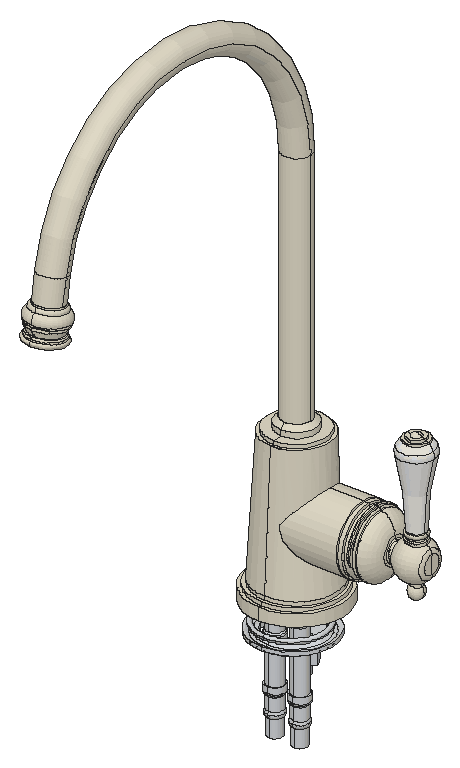
Revit family "Reece_Tap_Kado_Era_Sink Mixer_Gooseneck", category Plumbing Fixtures, host Face, Revit 2018
Family settings
  Host = Face
  Round Connector Dimension = Use Diameter
  Part Type = Normal
  Cut with Voids When Loaded = No
  Shared = Yes
  Room Calculation Point = Yes
Parameters (values of type "205 mm_Lever Handle_Brass Gold_Porcelain")
  WFU = 0  # constant formula
  URL = "https://www.reece.com.au/product/-9507624"
  Type Comments = "Tap"
  Reece_Tap_Reach = 205 mm  # constant formula
  Reece_Tap_Inlet = 12 mm  # constant formula
  Reece_Tap_Clearance = 240 mm  # constant formula
  Reece_Product_Web Page = "https://www.reece.com.au/product/-9507624"
  Reece_Product_Type = "Tap"  # constant formula
  Reece_Product_Sub Brand = "Era"  # constant formula
  Reece_Product_Number = "9507624"
  Reece_Product_Mount = "Hob Mounted"
  Reece_Product_Description = "Kado Era Sink Mixer Large Porcelain Handle Brass Gold (5 Star)"
  Reece_Product_Brand = "Kado"  # constant formula
  Reece_Overall_Height = 370 mm  # constant formula
  Reece_Material_Secondary = Reece_Porcelain_White
  Reece_Material_Main = Reece_Brass_Gold
  Reece_Handle_Type = Reece_Tap_Kado_Era_Mixer_Porcelain Handle_Nested : Reece_Tap_Kado_Era_Mixer_Porcelain Handle_Nested
  Reece_Detail_Shape = ""
  Reece_Detail_Installation = ""
  Reece_Detail_Disclaimer = "THIS FILE IS THE PROPERTY OF THE REECE GROUP. IT MAY NOT BE REPRODUCED, REVERSE-ENGINEERED OR MODIFIED. ANY REPUBLICATION, TRANSMISSION OR DISTRIBUTION FOR THE PURPOSE OF COMMERCIALLY EXPLOITING THE FILES IS PROHIBITED."  # constant formula
  Reece_Detail_Connector = ""
  Reece_Detail_Additional = "Large"  # constant formula
  Reece_Backplate_Diameter = 60 mm  # constant formula
  Model = "Era"
  Manufacturer = "Kado"
  Keynote = "Product #9507624, Reece_Tap_Kado_Era_Sink Mixer_Gooseneck - 205 mm_Lever Handle_Brass Gold_Porcelain"
  HWFU = 0  # constant formula
  Disclaimer = "THIS FILE IS THE PROPERTY OF THE REECE GROUP. IT MAY NOT BE REPRODUCED, REVERSE-ENGINEERED OR MODIFIED. ANY REPUBLICATION, TRANSMISSION OR DISTRIBUTION FOR THE PURPOSE OF COMMERCIALLY EXPLOITING THE FILES IS PROHIBITED."  # constant formula
  Description = "Kado Era Sink Mixer Large Porcelain Lever Handle Brass Gold (5 Star)"
  Default Elevation = 1000 mm
  CWFU = 0  # constant formula
Types (7, lengths in mm): name | URL | Reece_Product_Web Page | Reece_Product_Number | Reece_Product_Description | Reece_Material_Secondary | Reece_Material_Main | Reece_Handle_Type | Keynote | Description
  205 mm_Brass Gold | "https://www.reece.com.au/product/-9507622" | "https://www.reece.com.au/product/-9507622" | "9507622" | "Kado Era Sink Mixer Large Brass Gold (5 Star)" | Reece_Brass_Gold | Reece_Brass_Gold | Reece_Tap_Kado_Era_Mixer_Lever Handle_Nested : Reece_Tap_Kado_Era_Mixer_Lever Handle_Nested | "Product #9507622, Reece_Tap_Kado_Era_Sink Mixer_Gooseneck - 205 mm_Brass Gold" | "Kado Era Sink Mixer Large Brass Gold (5 Star)"
  205 mm_Chrome | "https://www.reece.com.au/product/-9507623" | "https://www.reece.com.au/product/-9507623" | "9507623" | "Kado Era Sink Mixer Large Chrome (5 Star)" | Reece_Brass_Chrome | Reece_Brass_Chrome | Reece_Tap_Kado_Era_Mixer_Lever Handle_Nested : Reece_Tap_Kado_Era_Mixer_Lever Handle_Nested | "Product #9507623, Reece_Tap_Kado_Era_Sink Mixer_Gooseneck - 205 mm_Chrome" | "Kado Era Sink Mixer Large Chrome (5 Star)"
  205 mm_Matte Black | "https://www.reece.com.au/product/-2263716" | "https://www.reece.com.au/product/-2263716" | "2263716" | "Kado Era Sink Mixer Large Matte Black (5 Star)" | Reece_Brass_Matte Black | Reece_Brass_Matte Black | Reece_Tap_Kado_Era_Mixer_Lever Handle_Nested : Reece_Tap_Kado_Era_Mixer_Lever Handle_Nested | "Product #2263716, Reece_Tap_Kado_Era_Sink Mixer_Gooseneck - 205 mm_Matte Black" | "Kado Era Sink Mixer Large Matte Black (5 Star)"
  205 mm_Lever Handle_Brass Gold_Porcelain | "https://www.reece.com.au/product/-9507624" | "https://www.reece.com.au/product/-9507624" | "9507624" | "Kado Era Sink Mixer Large Porcelain Handle Brass Gold (5 Star)" | Reece_Porcelain_White | Reece_Brass_Gold | Reece_Tap_Kado_Era_Mixer_Porcelain Handle_Nested : Reece_Tap_Kado_Era_Mixer_Porcelain Handle_Nested | "Product #9507624, Reece_Tap_Kado_Era_Sink Mixer_Gooseneck - 205 mm_Lever Handle_Brass Gold_Porcelain" | "Kado Era Sink Mixer Large Porcelain Lever Handle Brass Gold (5 Star)"
  205 mm_Lever Handle_Chrome_Porcelain | "https://www.reece.com.au/product/-9507625" | "https://www.reece.com.au/product/-9507625" | "9507625" | "Kado Era Sink Mixer Large Porcelain Handle Chrome (5 Star)" | Reece_Porcelain_White | Reece_Brass_Chrome | Reece_Tap_Kado_Era_Mixer_Porcelain Handle_Nested : Reece_Tap_Kado_Era_Mixer_Porcelain Handle_Nested | "Product #9507625, Reece_Tap_Kado_Era_Sink Mixer_Gooseneck - 205 mm_Lever Handle_Chrome_Porcelain" | "Kado Era Sink Mixer Large Porcelain Lever Handle Chrome (5 Star)"
  205 mm_Brushed Nickel | "https://www.reece.com.au/product/-9512090" | "https://www.reece.com.au/product/-9512090" | "9512090" | "Kado Era Sink Mixer Large Brushed Nickel (5 Star)" | Reece_Brass_Brushed Nickel | Reece_Brass_Brushed Nickel | Reece_Tap_Kado_Era_Mixer_Lever Handle_Nested : Reece_Tap_Kado_Era_Mixer_Lever Handle_Nested | "Product #9512090, Reece_Tap_Kado_Era_Sink Mixer_Gooseneck - 205 mm_Brushed Nickel" | "Kado Era Sink Mixer Large Brushed Nickel (5 Star)"
  205 mm_Brushed Nickel_Porcelain | "https://www.reece.com.au/product/-9512091" | "https://www.reece.com.au/product/-9512091" | "9512091" | "Kado Era Sink Mixer Large Porcelain Handle Brushed Nickel (5 Star)" | Reece_Porcelain_White | Reece_Brass_Brushed Nickel | Reece_Tap_Kado_Era_Mixer_Porcelain Handle_Nested : Reece_Tap_Kado_Era_Mixer_Porcelain Handle_Nested | "Product #9512091, Reece_Tap_Kado_Era_Sink Mixer_Gooseneck - 205 mm_Brushed Nickel_Porcelain" | "Kado Era Sink Mixer Large Porcelain Handle Brushed Nickel (5 Star)"
Reference planes
  plane 1 "Center (Front/Back)": y = 0
  plane 2 "Bottom": z = 0
  plane 3 "Center (Left/Right)": x = 0
  plane 4 "right": x = 78
  plane 5: y = -205
  plane 6: z = 240
  plane 7: z = 100
  plane 8: z = 370
  plane 9: z = 50
Forms (mm)
  Sweep 1, solid, material "Reece_Brass_Gold" <- "Reece_Material_Main"
    path origin (0, 0, 0) x (0, 1, 0) y (0, 0, 1)
      loop
        line (-201.7, 257.646) -> (-198.493, 277.279)
        arc (-198.493, 277.279) -> (-91.82, 360.743) -> (0, 261.171) r 99.9
        line (0, 261.171) -> (0, 0)
    profile origin (0, 0, 130.585) x (1, 0, 0) y (0, 1, 0)
      loop
        circle (0, 0) r 9
  Revolve 2, void
    sketch origin (-75, 0, 0) x (-1, 0, 0) y (0, 0, 1)
      loop
        line (-75, -37.024) -> (-75, 0) -> (-90.541, 0) -> (-90.541, -37.024) -> (-75, -37.024)
      axis (-75, 0) -> (-75, -37.024)
    angle from 0 to 360
  Revolve 3, solid
    sketch origin (-0.052, -7.05, 0.385) x (0, 1, 0) y (0, 0, 1)
      loop
        line (14.924, -0.412) -> (8.849, -0.412)
        arc (8.849, -0.412) -> (8.496, -0.558) -> (8.349, -0.912) r 0.5
        line (8.349, -0.912) -> (8.349, -14.094) -> (11.924, -14.094) -> (11.924, -47)
        arc (11.924, -47) -> (12.07, -47.353) -> (12.424, -47.5) r 0.5
        line (12.424, -47.5) -> (14.924, -47.5) -> (14.924, -0.412)
      axis (14.924, -47.5) -> (14.924, -0.412)
    angle from 0 to 360
  Extrusion 4, solid
    sketch origin (619.148, -626.25, -29.615) x (1, 0, 0) y (0, 1, 0)
      loop
        circle (-619.2, 634.124) r 3
      loop
        line (-622.996, 640.698) -> (-626.791, 634.124) -> (-622.996, 627.549) -> (-615.404, 627.549) -> (-611.609, 634.124) -> (-615.404, 640.698) -> (-622.996, 640.698)
    from -10 to 10
  Revolve 5, solid
    sketch origin (-0.052, -2.889, 3.385) x (0, 1, 0) y (0, 0, 1)
      loop
        arc (18.75, -21.5) -> (21.75, -23) -> (24.75, -21.5) r 3.75
        line (24.75, -21.5) -> (25.75, -21.5) -> (25.75, -19)
        arc (25.75, -19) -> (24.212, -19.499) -> (22.941, -20.498) r 4.61
        arc (22.941, -20.498) -> (21.841, -21) -> (20.728, -20.527) r 1.5
        arc (20.728, -20.527) -> (19.122, -19.398) -> (17.2, -19) r 4.84
        line (17.2, -19) -> (17.2, -21.5) -> (18.75, -21.5)
      axis (0, -19) -> (0, -21.5)
    angle from 0 to 360
  Revolve 6, solid
    sketch origin (-0.052, -5.488, 2.385) x (0, 1, 0) y (0, 0, 1)
      loop
        circle (22.2, -14) r 1.3
      axis (1, -14) -> (1, -13)
    angle from 0 to 360
  Revolve 7, solid
    sketch origin (-8.054, -4579.567, 338.433) x (0, 0, 1) y (0, -1, 0)
      loop
        line (-387.147, -4565.8) -> (-391.049, -4565.8)
        arc (-391.049, -4565.8) -> (-391.523, -4565.877) -> (-391.949, -4566.101) r 1.5
        line (-391.949, -4566.101) -> (-393.187, -4567.03) -> (-401.547, -4567.03) -> (-403.576, -4566.425)
        arc (-403.576, -4566.425) -> (-404.969, -4566.518) -> (-405.962, -4567.5) r 2
        line (-405.962, -4567.5) -> (-417.274, -4567.5) -> (-417.274, -4572) -> (-333.442, -4572) -> (-333.442, -4567.702) -> (-338.011, -4567.702) -> (-338.011, -4566.5) -> (-342.546, -4566.531) -> (-342.546, -4568.342)
        arc (-342.546, -4568.342) -> (-343.35, -4566.738) -> (-345.117, -4566.425) r 2
        line (-345.117, -4566.425) -> (-347.146, -4567.03) -> (-355.506, -4567.03) -> (-356.743, -4566.101)
        arc (-356.743, -4566.101) -> (-357.169, -4565.877) -> (-357.644, -4565.8) r 1.5
        line (-357.644, -4565.8) -> (-361.546, -4565.8) -> (-361.546, -4567) -> (-387.147, -4567) -> (-387.147, -4565.8)
      axis (-333.442, -4572) -> (-417.274, -4572)
    angle from 0 to 360
  Revolve 8, solid
    sketch origin (8.232, -4579.567, 338.433) x (0, 0, 1) y (0, 1, 0)
      loop
        line (-387.147, 4565.8) -> (-387.147, 4567) -> (-361.546, 4567) -> (-361.546, 4565.8) -> (-357.644, 4565.8)
        arc (-357.644, 4565.8) -> (-357.169, 4565.877) -> (-356.743, 4566.101) r 1.5
        line (-356.743, 4566.101) -> (-355.506, 4567.03) -> (-347.146, 4567.03) -> (-345.117, 4566.425)
        arc (-345.117, 4566.425) -> (-343.35, 4566.738) -> (-342.546, 4568.342) r 2
        line (-342.546, 4568.342) -> (-342.546, 4566.531) -> (-338.011, 4566.5) -> (-338.011, 4567.702) -> (-333.442, 4567.702) -> (-333.442, 4572) -> (-417.274, 4572) -> (-417.274, 4567.5) -> (-405.962, 4567.5)
        arc (-405.962, 4567.5) -> (-404.969, 4566.518) -> (-403.576, 4566.425) r 2
        line (-403.576, 4566.425) -> (-401.547, 4567.03) -> (-393.187, 4567.03) -> (-391.949, 4566.101)
        arc (-391.949, 4566.101) -> (-391.523, 4565.877) -> (-391.049, 4565.8) r 1.5
        line (-391.049, 4565.8) -> (-387.147, 4565.8)
      axis (-417.274, 4572) -> (-333.442, 4572)
    angle from 0 to 360
  Extrusion 9, solid
    sketch origin (-0.078, -2.889, -19.615) x (1, 0, 0) y (0, 1, 0)
      loop
        arc (-8.263, 1.702) -> (0, 3.159) -> (8.263, 1.702) r 24.16
        line (8.263, 1.702) -> (13.684, -0.271)
        arc (13.684, -0.271) -> (14.638, -1.003) -> (15, -2.15) r 2
        line (15, -2.15) -> (15, -8.417)
        arc (15, -8.417) -> (0, 17.2) -> (-15, -8.417) r 17.2
        line (-15, -8.417) -> (-15, -2.15)
        arc (-15, -2.15) -> (-14.638, -1.003) -> (-13.684, -0.271) r 2
        line (-13.684, -0.271) -> (-8.263, 1.702)
      loop
        circle (0, 10.873) r 5
    from 1.5 to 4
  Revolve 10, solid, material "Reece_Brass_Gold" <- "Reece_Material_Main"
    sketch origin (0, -98.145, 0) x (0, 1, 0) y (0, 0, 1)
      loop
        line (98.145, 106.4) -> (98.145, 0) -> (128.645, 0) -> (128.645, 8) -> (126.395, 8) -> (126.395, 10.25) -> (124.145, 10.25) -> (124.145, 12.5)
        arc (124.145, 12.5) -> (120.435, 55.054) -> (119.145, 97.75) r 752.643
        line (119.145, 97.75) -> (116.895, 97.75) -> (116.895, 100) -> (110.645, 100) -> (110.645, 103.4) -> (107.645, 106.4) -> (98.145, 106.4)
      axis (98.145, 106.4) -> (98.145, 0)
    angle from 0 to 360
  Revolve 11, solid, material "Reece_Brass_Gold" <- "Reece_Material_Main"
    sketch origin (0, 0, 0) x (1, 0, 0) y (0, 0, 1)
      loop
        line (0, 50) -> (47, 50) -> (47, 71.875) -> (44.5, 71.875) -> (44.5, 70.875) -> (43.5, 70.875) -> (43.5, 71.875) -> (0, 71.875) -> (0, 50)
      axis (0, 50) -> (47, 50)
    angle from 0 to 360
  Revolve 12, solid, material "Reece_Brass_Gold" <- "Reece_Material_Main"
    sketch origin (0, -162.533, 69.922) x (0, 0.999998, -0.001844) y (0, 0.001844, 0.999998)
      loop
        line (-30.358, 170.574) -> (-30.221, 171.424)
        arc (-30.221, 171.424) -> (-30.267, 172.028) -> (-30.583, 172.545) r 1.294
        line (-30.583, 172.545) -> (-31.271, 173.232) -> (-29.031, 176.538) -> (-28.807, 177.92) -> (-29.795, 178.08) -> (-29.651, 178.968) -> (-27.677, 178.649) -> (-27.517, 179.636)
        arc (-27.517, 179.636) -> (-26.945, 183.009) -> (-28.752, 185.914) r 4.824
        arc (-28.752, 185.914) -> (-28.72, 187.486) -> (-29.835, 188.594) r 1.997
        line (-29.835, 188.594) -> (-29.688, 189.501) -> (-38.972, 191) -> (-42.053, 171.922) -> (-31.928, 170.287) -> (-32.238, 168.365) -> (-30.754, 168.125)
        arc (-30.754, 168.125) -> (-29.332, 169.152) -> (-30.358, 170.574) r 1.24
      axis (-38.972, 191) -> (-42.363, 170)
    angle from 0 to 360
Cuts and joins
  joined: Sweep 1, Revolve 10, Revolve 11, Revolve 12
  joined: Revolve 3, Extrusion 4, Revolve 5, Revolve 6, Revolve 7, Revolve 8
Text (mm)
  text "Reece Copyright © 2018, Reece Ltd." at (76.968, -193.79, 0), in view "Ref. Level"
  text "Reece ©" at (44.384, 258.95, 192.345), in view "Reece Preview"
Dimensions and locks
  plane 3 "Center (Left/Right)" to plane 4 "right" = 78 mm
  plane 4 "right" to plane 3 "Center (Left/Right)" = 78 mm  (x2)
  "Reece_Tap_Clearance": plane 6 to plane 2 "Bottom"
  "Reece_Tap_Reach": plane 5 to plane 1 "Center (Front/Back)"
  plane 7 to plane 2 "Bottom" = 100 mm
  "Reece_Overall_Height": plane 2 "Bottom" to plane 8
  plane 7 to host face = 100 mm
  aligned and locked: plane 2 "Bottom" to host face
  aligned and locked: level to host face
  aligned and locked: Revolve 2 sketch curve to plane 3 "Center (Left/Right)"
Automatic sketch dimensions
  host sketch curve to host sketch curve = 380.785 mm
  host sketch curve to host sketch curve = 317.421 mm
  Sweep 1 sketch curve to plane 3 "Center (Left/Right)" = 0 mm
  profile plane to Sweep 1 sketch curve = 0 mm
  Revolve 2 sketch curve to level = 0 mm
  Revolve 2 sketch curve to plane 3 "Center (Left/Right)" = 0 mm
  Revolve 2 sketch curve to Revolve 2 sketch curve = 15.541 mm
  level to Revolve 2 sketch curve = 37.024 mm
  Revolve 2 sketch curve to plane 9 = 20.834 mm
  Revolve 2 sketch curve to plane 9 = 2.317 mm
  Revolve 3 sketch curve to plane 1 "Center (Front/Back)" = 1.299 mm
  Revolve 3 sketch curve to level = 0.027 mm
  Revolve 3 sketch curve to Revolve 3 sketch curve = 0.5 mm  (x2)
  Revolve 3 sketch curve to Revolve 3 sketch curve = 3.574 mm
  Revolve 3 sketch curve to Revolve 3 sketch curve = 2.5 mm
  Revolve 3 sketch curve to Revolve 3 sketch curve = 13.182 mm
  Revolve 3 sketch curve to Revolve 3 sketch curve = 32.906 mm
  Revolve 3 sketch curve to plane 1 "Center (Front/Back)" = 7.874 mm
  Revolve 3 sketch curve to Revolve 3 sketch curve = 0 mm
  level to Revolve 3 sketch curve = 20.525 mm
  Extrusion 4 sketch curve to Extrusion 4 sketch curve = 0 mm  (x3)
  Extrusion 4 sketch curve to plane 3 "Center (Left/Right)" = 7.644 mm
  Extrusion 4 sketch curve to plane 3 "Center (Left/Right)" = 3.848 mm  (x2)
  Extrusion 4 sketch curve to plane 1 "Center (Front/Back)" = 1.299 mm
  Extrusion 4 sketch curve to plane 3 "Center (Left/Right)" = 0.052 mm
  plane 3 "Center (Left/Right)" to Extrusion 4 sketch curve = 3.744 mm  (x2)
  plane 3 "Center (Left/Right)" to Extrusion 4 sketch curve = 7.539 mm
  Extrusion 4 sketch curve to Extrusion 4 sketch curve = 6.574 mm  (x3)
  Extrusion 4 sketch curve to Extrusion 4 sketch curve = 3 mm
  Revolve 5 sketch curve to plane 1 "Center (Front/Back)" = 14.311 mm
  Revolve 5 sketch curve to Revolve 5 sketch curve = 1.55 mm
  Revolve 5 sketch curve to Revolve 5 sketch curve = 3 mm
  Revolve 5 sketch curve to Revolve 5 sketch curve = 0.072 mm
  Revolve 5 sketch curve to Revolve 5 sketch curve = 2.928 mm
  Revolve 5 sketch curve to Revolve 5 sketch curve = 1 mm
  Revolve 5 sketch curve to Revolve 5 sketch curve = 0.632 mm
  Revolve 5 sketch curve to level = 20.455 mm
  Revolve 5 sketch curve to Revolve 5 sketch curve = 0.274 mm
  Revolve 5 sketch curve to Revolve 5 sketch curve = 2.34 mm
  Revolve 5 sketch curve to Revolve 5 sketch curve = 2 mm
  Revolve 5 sketch curve to Revolve 5 sketch curve = 0.25 mm
  Revolve 5 sketch curve to Revolve 5 sketch curve = 2.5 mm  (x2)
  plane 1 "Center (Front/Back)" to Revolve 5 sketch curve = 2.889 mm
  Revolve 5 sketch curve to Revolve 5 sketch curve = 0 mm
  Revolve 5 sketch curve to Revolve 5 sketch curve = 316.97 mm
  Revolve 5 sketch curve to plane 8 = 477.217 mm
  Revolve 6 sketch curve to plane 1 "Center (Front/Back)" = 16.712 mm
  Revolve 6 sketch curve to level = 11.615 mm  (x2)
  plane 1 "Center (Front/Back)" to Revolve 6 sketch curve = 4.488 mm
  Revolve 6 sketch curve to Revolve 6 sketch curve = 4.102 mm
  plane 1 "Center (Front/Back)" to Revolve 7 sketch curve = 12.067 mm
  Revolve 7 sketch curve to level = 78.841 mm
  Revolve 7 sketch curve to Revolve 7 sketch curve = 11.313 mm
  Revolve 7 sketch curve to Revolve 7 sketch curve = 1.814 mm
  plane 1 "Center (Front/Back)" to Revolve 7 sketch curve = 13.142 mm
  Revolve 7 sketch curve to Revolve 7 sketch curve = 0.571 mm  (x2)
  Revolve 7 sketch curve to Revolve 7 sketch curve = 2.029 mm  (x2)
  Revolve 7 sketch curve to Revolve 7 sketch curve = 8.36 mm  (x2)
  plane 1 "Center (Front/Back)" to Revolve 7 sketch curve = 13.467 mm
  Revolve 7 sketch curve to Revolve 7 sketch curve = 1.238 mm  (x2)
  Revolve 7 sketch curve to Revolve 7 sketch curve = 0.901 mm  (x2)
  Revolve 7 sketch curve to Revolve 7 sketch curve = 3.901 mm  (x2)
  Revolve 7 sketch curve to level = 23.112 mm
  Revolve 7 sketch curve to Revolve 7 sketch curve = 2.571 mm
  level to Revolve 7 sketch curve = 0.423 mm
  level to Revolve 7 sketch curve = 4.991 mm
  Revolve 7 sketch curve to Revolve 7 sketch curve = 4.5 mm
  plane 1 "Center (Front/Back)" to Revolve 7 sketch curve = 11.226 mm
  Revolve 7 sketch curve to Revolve 7 sketch curve = 0.639 mm
  plane 1 "Center (Front/Back)" to Revolve 7 sketch curve = 12.267 mm
  Revolve 7 sketch curve to Revolve 7 sketch curve = 1.199 mm  (x2)
  Revolve 7 sketch curve to Revolve 7 sketch curve = 1.312 mm
  Revolve 7 sketch curve to Revolve 7 sketch curve = 0.605 mm
  Revolve 7 sketch curve to Revolve 7 sketch curve = 1.2 mm
  Revolve 7 sketch curve to Revolve 7 sketch curve = 1.811 mm
  Revolve 7 sketch curve to Revolve 7 sketch curve = 1.202 mm
  Revolve 7 sketch curve to Revolve 7 sketch curve = 1.917 mm
  Revolve 7 sketch curve to Revolve 7 sketch curve = 1.522 mm
  plane 1 "Center (Front/Back)" to Revolve 7 sketch curve = 7.567 mm
  plane 7 to Revolve 7 sketch curve = 53.469 mm
  Revolve 7 sketch curve to Revolve 7 sketch curve = 0 mm
  plane 1 "Center (Front/Back)" to Revolve 8 sketch curve = 7.567 mm  (x2)
  Revolve 8 sketch curve to level = 78.841 mm
  Revolve 8 sketch curve to Revolve 8 sketch curve = 11.313 mm
  Revolve 8 sketch curve to Revolve 8 sketch curve = 1.814 mm
  plane 1 "Center (Front/Back)" to Revolve 8 sketch curve = 13.142 mm
  Revolve 8 sketch curve to Revolve 8 sketch curve = 0.571 mm  (x2)
  Revolve 8 sketch curve to Revolve 8 sketch curve = 2.029 mm  (x2)
  Revolve 8 sketch curve to Revolve 8 sketch curve = 8.36 mm  (x2)
  plane 1 "Center (Front/Back)" to Revolve 8 sketch curve = 13.467 mm
  Revolve 8 sketch curve to Revolve 8 sketch curve = 1.238 mm  (x2)
  Revolve 8 sketch curve to Revolve 8 sketch curve = 0.901 mm  (x2)
  Revolve 8 sketch curve to Revolve 8 sketch curve = 3.901 mm  (x2)
  Revolve 8 sketch curve to level = 23.112 mm
  Revolve 8 sketch curve to Revolve 8 sketch curve = 2.571 mm
  level to Revolve 8 sketch curve = 0.423 mm
  Revolve 8 sketch curve to Revolve 8 sketch curve = 4.568 mm
  plane 1 "Center (Front/Back)" to Revolve 8 sketch curve = 13.767 mm
  Revolve 8 sketch curve to Revolve 8 sketch curve = 0.301 mm  (x2)
  Revolve 8 sketch curve to Revolve 8 sketch curve = 0.324 mm
  Revolve 8 sketch curve to Revolve 8 sketch curve = 0.075 mm
  Revolve 8 sketch curve to Revolve 8 sketch curve = 0.106 mm
  Revolve 8 sketch curve to Revolve 8 sketch curve = 1.2 mm
  Revolve 8 sketch curve to Revolve 8 sketch curve = 0.929 mm  (x2)
  Revolve 8 sketch curve to Revolve 8 sketch curve = 4.5 mm
  Revolve 8 sketch curve to Revolve 8 sketch curve = 4.298 mm
  Revolve 8 sketch curve to Revolve 8 sketch curve = 1.917 mm
  Revolve 8 sketch curve to Revolve 8 sketch curve = 73.91 mm
  Revolve 8 sketch curve to Revolve 8 sketch curve = 1.522 mm
  Revolve 8 sketch curve to Revolve 8 sketch curve = 0 mm
  Extrusion 9 sketch curve to plane 3 "Center (Left/Right)" = 15.078 mm
  plane 1 "Center (Front/Back)" to Extrusion 9 sketch curve = 3.16 mm  (x2)
  Extrusion 9 sketch curve to Extrusion 9 sketch curve = 1.316 mm
  Extrusion 9 sketch curve to Extrusion 9 sketch curve = 0.684 mm  (x2)
  plane 1 "Center (Front/Back)" to Extrusion 9 sketch curve = 1.187 mm  (x2)
  Extrusion 9 sketch curve to Extrusion 9 sketch curve = 5.421 mm
  Extrusion 9 sketch curve to plane 3 "Center (Left/Right)" = 0.078 mm  (x3)
  Extrusion 9 sketch curve to Extrusion 9 sketch curve = 4.737 mm
  Extrusion 9 sketch curve to Extrusion 9 sketch curve = 2 mm
  Extrusion 9 sketch curve to Extrusion 9 sketch curve = 6.266 mm
  Extrusion 9 sketch curve to Extrusion 9 sketch curve = 12.584 mm
  plane 1 "Center (Front/Back)" to Extrusion 9 sketch curve = 2.889 mm
  Extrusion 9 sketch curve to plane 1 "Center (Front/Back)" = 7.984 mm
  Revolve 10 sketch curve to plane 1 "Center (Front/Back)" = 0 mm  (x2)
  level to Revolve 10 sketch curve = 0 mm  (x2)
  Revolve 10 sketch curve to plane 7 = 0 mm
  Revolve 10 sketch curve to Revolve 10 sketch curve = 9.5 mm
  Revolve 10 sketch curve to Revolve 10 sketch curve = 3 mm
  Revolve 10 sketch curve to plane 7 = 2.25 mm
  Revolve 10 sketch curve to Revolve 10 sketch curve = 6.25 mm
  Revolve 10 sketch curve to Revolve 10 sketch curve = 2.25 mm  (x4)
  level to Revolve 10 sketch curve = 10.25 mm
  Revolve 10 sketch curve to plane 1 "Center (Front/Back)" = 26 mm
  Revolve 10 sketch curve to plane 7 = 0.878 mm
  Revolve 10 sketch curve to Revolve 10 sketch curve = 743.142 mm
  plane 7 to Revolve 10 sketch curve = 3.4 mm
  plane 7 to Revolve 10 sketch curve = 6.4 mm
  Revolve 10 sketch curve to Revolve 10 sketch curve = 0 mm
  Revolve 12 sketch curve to plane 6 = 0 mm
  plane 5 to Revolve 12 sketch curve = 0.731 mm
  plane 6 to Revolve 12 sketch curve = 1.922 mm
  Revolve 12 sketch curve to Revolve 12 sketch curve = 3.081 mm
  Revolve 12 sketch curve to Revolve 12 sketch curve = 9.815 mm
  Revolve 12 sketch curve to Revolve 12 sketch curve = 0.31 mm  (x2)
  Revolve 12 sketch curve to Revolve 12 sketch curve = 7.294 mm
  Revolve 12 sketch curve to Revolve 12 sketch curve = 0.43 mm
  Revolve 12 sketch curve to Revolve 12 sketch curve = 0.227 mm
  Revolve 12 sketch curve to Revolve 12 sketch curve = 1.484 mm
  Revolve 12 sketch curve to Revolve 12 sketch curve = 0.687 mm  (x2)
  Revolve 12 sketch curve to Revolve 12 sketch curve = 1.107 mm
  Revolve 12 sketch curve to Revolve 12 sketch curve = 0.198 mm  (x2)
  Revolve 12 sketch curve to Revolve 12 sketch curve = 0.137 mm
  Revolve 12 sketch curve to Revolve 12 sketch curve = 0.737 mm
  Revolve 12 sketch curve to Revolve 12 sketch curve = 1.884 mm
  Revolve 12 sketch curve to Revolve 12 sketch curve = 0.146 mm
  Revolve 12 sketch curve to Revolve 12 sketch curve = 0.143 mm
  Revolve 12 sketch curve to Revolve 12 sketch curve = 0.764 mm
  Revolve 12 sketch curve to Revolve 12 sketch curve = 0.987 mm
  Revolve 12 sketch curve to Revolve 12 sketch curve = 1.131 mm
  Revolve 12 sketch curve to Revolve 12 sketch curve = 0.159 mm
  Revolve 12 sketch curve to Revolve 12 sketch curve = 0.292 mm
  Revolve 12 sketch curve to Revolve 12 sketch curve = 0.206 mm
  Revolve 12 sketch curve to Revolve 12 sketch curve = 0.85 mm
  Revolve 12 sketch curve to Revolve 12 sketch curve = 1.343 mm
  Revolve 12 sketch curve to Revolve 12 sketch curve = 3.306 mm
  Revolve 12 sketch curve to Revolve 12 sketch curve = 1.382 mm
  Revolve 12 sketch curve to Revolve 12 sketch curve = 3.11 mm
  Revolve 12 sketch curve to Revolve 12 sketch curve = 1.856 mm
  Revolve 12 sketch curve to Revolve 12 sketch curve = 0 mm  (x2)
  Sweep 1 sketch curve to plane 1 "Center (Front/Back)" = 0 mm
  level to Sweep 1 sketch curve = 0 mm
  plane 5 to Sweep 1 sketch curve = 6.507 mm
  plane 6 to Sweep 1 sketch curve = 21.171 mm
  plane 1 "Center (Front/Back)" to Sweep 1 sketch curve = 99.9 mm
  plane 5 to Sweep 1 sketch curve = 3.3 mm
  plane 6 to Sweep 1 sketch curve = 17.646 mm
  Revolve 11 sketch curve to plane 3 "Center (Left/Right)" = 0 mm  (x2)
  Revolve 11 sketch curve to plane 9 = 0 mm  (x2)
  Revolve 11 sketch curve to plane 4 "right" = 34.5 mm
  Revolve 11 sketch curve to Revolve 11 sketch curve = 1 mm
  Revolve 11 sketch curve to Revolve 11 sketch curve = 2.5 mm
  Revolve 11 sketch curve to plane 9 = 20.875 mm
  Revolve 11 sketch curve to plane 9 = 21.875 mm
  Revolve 11 sketch curve to Revolve 11 sketch curve = 0 mm
  plane 4 "right" to Revolve 11 sketch curve = 47 mm
  radius of Sweep 1 sketch curve = 9 mm
  radius of Revolve 6 sketch curve = 1.3 mm
  radius of Extrusion 9 sketch curve = 5 mm
Nested families
  nested 1: "Reece_Tap_Kado_Era_Mixer_Porcelain Handle_Nested" at (47, 0, 50) x (0, 0, -1) z (1, 0, 0), Reece_Material_Main <- "Reece_Material_Main", Reece_Material_Secondary <- "Reece_Material_Secondary", type <- "Reece_Handle_Type", type "Reece_Tap_Kado_Era_Mixer_Porcelain Handle_Nested"
    with Reece_Material_Secondary Reece_Porcelain_White, Reece_Material_Main Reece_Brass_Gold
Connectors
  piping at (-8.054, -7.567, -78.841), diameter 12, driven by "Reece_Tap_Inlet"
    settings: on cut or joined group of Revolve 3, Extrusion 4, Revolve 5, Revolve 6, Revolve 7, Revolve 8, index 1, connector inside diameter 609.6 mm, connector length 0 mm, flow factor 0, pipe flow 0.0 L/s, pressure drop 0.0 Pa, fitting loss kfactor 0, connector angle 0.00°, fixture units 0, engagement length 0 mm, angle of deflection 0.00°, flow configuration 0, flow direction 1, fitting loss method 0, system type 29, joint type 0, gender type 0, connector reference index -1, connector utility 0, adjustable connector no, is connector primary yes, connector description ""
  piping at (8.232, -7.567, -78.841), diameter 12, driven by "Reece_Tap_Inlet"
    settings: on cut or joined group of Revolve 3, Extrusion 4, Revolve 5, Revolve 6, Revolve 7, Revolve 8, index 2, connector inside diameter 609.6 mm, connector length 0 mm, flow factor 0, pipe flow 0.0 L/s, pressure drop 0.0 Pa, fitting loss kfactor 0, connector angle 0.00°, fixture units 0, engagement length 0 mm, angle of deflection 0.00°, flow configuration 0, flow direction 1, fitting loss method 0, system type 29, joint type 0, gender type 0, connector reference index -1, connector utility 0, adjustable connector no, is connector primary no, connector description ""
Definition of nested family "Reece_Tap_Kado_Era_Mixer_Porcelain Handle_Nested"
  Parameters (values of type "Reece_Tap_Kado_Era_Mixer_Porcelain Handle_Nested")
    Waste Connection = no
    WFU = 0
    Vent Connection = no
    URL = ""
    Type Comments = ""
    Reece_Material_Secondary [instance] = none
    Reece_Material_Main [instance] = none
    Model = ""
    Manufacturer = ""
    Keynote = ""
    HWFU = 0
    HW Connection = no
    Description = ""
    Default Elevation = 0 mm
    Cost = 0
    CWFU = 0
    CW Connection = no
    Assembly Code = ""
  Reference planes
    plane 1 "Center (Front/Back)": y = 0
    plane 2 "Bottom": z = 0
    plane 3 "Center (Left/Right)": x = 0
    plane 4 "Top": z = 218.011
    plane 5: z = 0
    plane 6: z = 31
    plane 7: x = -74
  Forms (mm)
    Extrusion 1, solid
      sketch origin (619.2, -619.2, 0) x (1, 0, 0) y (0, 1, 0)
        loop
          line (-809.2, 779.2) -> (-809.2, 461.779) -> (-428.415, 461.779) -> (-428.415, 779.2) -> (-809.2, 779.2)
      from 0 to -9.564
    Revolve 2, solid, material <- "Reece_Material_Main"
      sketch origin (0, 0, 0) x (1, 0, 0) y (0, 0, 1)
        loop
          arc (20.785, 0) -> (13.115, 11.537) -> (0, 16) r 21.5
          line (0, 16) -> (0, 0) -> (20.785, 0)
        axis (0, 16) -> (0, 0)
      angle from 0 to 360
    Revolve 3, solid, material <- "Reece_Material_Main"
      sketch origin (0, 0, 3) x (1, 0, 0) y (0, 0, 1)
        loop
          arc (21.5, 0) -> (21.854, 0.146) -> (22, 0.5) r 0.5
          line (22, 0.5) -> (22, 1.486)
          arc (22, 1.486) -> (21.849, 1.849) -> (21.486, 2) r 0.514
          line (21.486, 2) -> (20.5, 2) -> (20.5, 3.004)
          arc (20.5, 3.004) -> (21.048, 3.553) -> (20.5, 4.101) r 0.548
          line (20.5, 4.101) -> (20.5, 5.555)
          arc (20.5, 5.555) -> (15.924, 11.484) -> (8.873, 14.008) r 13.323
          line (8.873, 14.008) -> (7.306, 14.008)
          arc (7.306, 14.008) -> (6.683, 14.339) -> (6.433, 15) r 1
          line (6.433, 15) -> (6.433, 18.2) -> (0, 18.2) -> (0, 0) -> (21.5, 0)
        axis (0, 18.2) -> (0, 0)
      angle from 0 to 360
    Extrusion 4, void
      sketch origin (0, 0, -20) x (1, 0, 0) y (0, 0, -1)
        loop
          line (-2, -23) -> (24.096, -31) -> (24.096, -23) -> (-2, -23)
      from -28.109 to 30.383
    Sweep 5, solid
      path in 3D
        loop
          arc (0, 12, 0) -> (-4.718, 11.034, 0) -> (-8.676, 8.29, 0) r 12
          arc (-8.676, 8.29, 0) -> (-9.086, 7.653, 0) -> (-9.23, 6.908, 0) r 2
          line (-9.23, 6.908, 0) -> (-9.23, -6.89, 0)
          arc (-9.23, -6.89, 0) -> (-9.082, -7.653, 0) -> (-8.66, -8.307, 0) r 2.047
          arc (-8.66, -8.307, 0) -> (-4.708, -11.038, 0) -> (0, -12, 0) r 12
      profile origin (-9.23, 0.009, 0) x (1, 0, 0) y (0, 0, 1)
        loop
          line (0, 6.095) -> (0, -6.095)
          arc (0, -6.095) -> (0.241, -7.047) -> (0.906, -7.769) r 2
          line (0.906, -7.769) -> (0.906, 7.769)
          arc (0.906, 7.769) -> (0.241, 7.047) -> (0, 6.095) r 2
    Revolve 6, solid, material <- "Reece_Material_Secondary"
      sketch origin (0, 0, -1) x (1, 0, 0) y (0, 0, 1)
        loop
          line (-69.878, 32) -> (-17.573, 32) -> (-17.573, 37.641)
          arc (-17.573, 37.641) -> (-39.989, 38.897) -> (-62.027, 43.188) r 164.8
          arc (-62.027, 43.188) -> (-64.148, 43.377) -> (-66.208, 42.841) r 6.234
          arc (-66.208, 42.841) -> (-68.209, 41.635) -> (-69.878, 40) r 10.061
          line (-69.878, 40) -> (-69.878, 32)
        axis (-69.878, 32) -> (-17.573, 32)
      angle from 0 to 360
    Revolve 7, solid, material <- "Reece_Material_Main"
      sketch origin (0, 0, -1) x (1, 0, 0) y (0, 0, 1)
        loop
          arc (-72.2, 34.976) -> (-73.515, 33.739) -> (-74, 32) r 3.36
          line (-74, 32) -> (-69.878, 32) -> (-69.878, 40) -> (-70.9, 40) -> (-70.9, 37.9) -> (-72.2, 37.9) -> (-72.2, 34.976)
        axis (-74, 32) -> (-69.878, 32)
      angle from 0 to 360
    Revolve 8, solid, material <- "Reece_Material_Main"
      sketch origin (45, 0, -1) x (1, 0, 0) y (0, 0, 1)
        loop
          arc (-22, 32) -> (-25.002, 36.417) -> (-30.214, 35.25) r 4.75
          line (-30.214, 35.25) -> (-33.468, 35.25) -> (-37.308, 37.509) -> (-37.308, 32) -> (-22, 32)
        axis (-37.308, 32) -> (-22, 32)
      angle from 0 to 360
    Revolve 9, solid, material <- "Reece_Material_Main"
      sketch origin (100, 0, -71.341) x (1, 0, 0) y (0, 0, 1)
        loop
          line (-100, 92.541) -> (-91.531, 92.541)
          arc (-91.531, 92.541) -> (-87.091, 101.716) -> (-91.189, 111.049) r 12.167
          arc (-91.189, 111.049) -> (-92.529, 111.859) -> (-94.069, 112.141) r 4.343
          line (-94.069, 112.141) -> (-100, 112.141) -> (-100, 92.541)
        axis (-100, 112.141) -> (-100, 92.541)
      angle from 0 to 360
    Revolve 10, solid, material <- "Reece_Material_Main"
      sketch origin (-3.235, 0, -1) x (1, 0, 0) y (0, 0, 1)
        loop
          line (-14.337, 32) -> (-6.952, 32) -> (-6.952, 38.513) -> (-9.002, 38.513)
          arc (-9.002, 38.513) -> (-9.619, 38.257) -> (-9.875, 37.641) r 0.872
          line (-9.875, 37.641) -> (-11.537, 37.641)
          arc (-11.537, 37.641) -> (-12.537, 38.641) -> (-13.537, 37.641) r 1
          line (-13.537, 37.641) -> (-14.337, 37.641) -> (-14.337, 32)
        axis (-14.337, 32) -> (-6.952, 32)
      angle from 0 to 360
  Cuts and joins
    Extrusion 4 cuts Revolve 3
    joined: Revolve 3, Revolve 7, Revolve 8, Revolve 9, Revolve 10
  Lines and regions (mm)
    model lines
      curve 1: arc (-8.66, -8.307, 0) -> (-4.708, -11.038, 0) -> (0, -12, 0) r 12
      curve 2: line (-9.23, 6.908, 0) -> (-9.23, -6.89, 0)
      curve 3: arc (-9.23, -6.89, 0) -> (-9.082, -7.653, 0) -> (-8.66, -8.307, 0) r 2.047
      curve 4: arc (-8.676, 8.29, 0) -> (-9.086, 7.653, 0) -> (-9.23, 6.908, 0) r 2
      curve 5: arc (0, 12, 0) -> (-4.718, 11.034, 0) -> (-8.676, 8.29, 0) r 12
    sketch lines
      curve 6: line (-9.23, 6.908, 0) -> (-9.23, -6.89, 0)
      curve 7: arc (-8.676, 8.29, 0) -> (-9.086, 7.653, 0) -> (-9.23, 6.908, 0) r 2
      curve 8: arc (0, 12, 0) -> (-4.718, 11.034, 0) -> (-8.676, 8.29, 0) r 12
      curve 9: arc (-9.23, -6.89, 0) -> (-9.082, -7.653, 0) -> (-8.66, -8.307, 0) r 2.047
      curve 10: arc (-8.66, -8.307, 0) -> (-4.708, -11.038, 0) -> (0, -12, 0) r 12
  Text (mm)
    text "Reece Copyright © 2018, Reece Ltd." at (-1403.988, -1192.393, 0), in view "Ref. Level"
    text "Reece ©" at (44.384, 258.95, 192.345), in view "Reece Preview"
  Dimensions and locks
    plane 6 to Extrusion 1 = 31 mm
    plane 3 "Center (Left/Right)" to plane 7 = 74 mm
    aligned and locked: plane 2 "Bottom" to Extrusion 1
    aligned and locked: level to Extrusion 1
